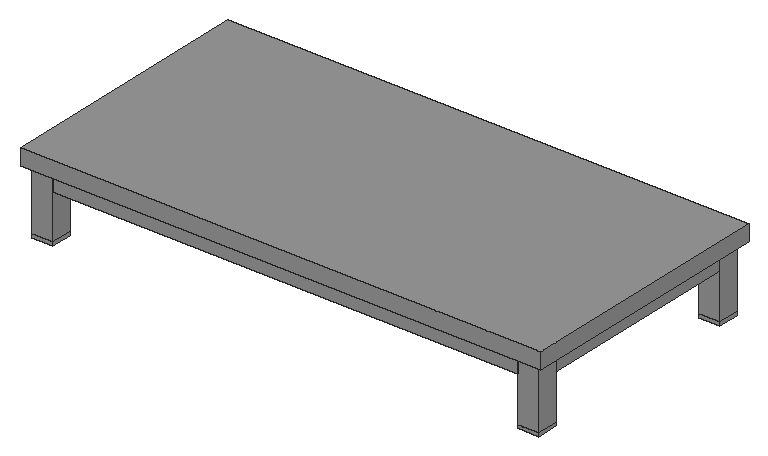
Revit family "800 Plinth", category Furniture, Revit 2019
Family settings
  OmniClass Number = 23.40.20.00
  OmniClass Title = General Furniture and Specialties
  Work Plane-Based = No
  Always vertical = Yes
  Cut with Voids When Loaded = No
  Shared = No
  Room Calculation Point = No
Parameters (values of type "Storage - 800 Plinth")
  Width = 800 mm
  URL = "www.gof.co.uk"
  Range = "STORAGE"
  Product Data Specification = ""
  Product Code = "KQ08PLST"
  Product Brochure = ""
  Model = "KULTURE QUOLL"
  Manufacturer = "Gresham Office Furniture"  # constant formula
  Frame = Gresham - BLACK METAL
  Doors = Gresham - PLUM
  Carcass = Gresham - MIDNIGHT ASH VERTICAL
  Depth = 400 mm
Reference planes
  plane 1 "Center (Front/Back)": y = 0
  plane 2: z = 0
  plane 3 "Center (Left/Right)": x = 0
  plane 4: x = -400
  plane 5: x = 400
  plane 6: y = 200
  plane 7 "Front": y = -200
  plane 8 "Storage Top": z = 569
  plane 9: z = 556.5
  plane 10: z = 112.5
  plane 11: z = 544
  plane 12: z = 1400
  plane 13: z = 984
  plane 14: z = 959
  plane 15: z = 1375
  plane 16: z = 125
  plane 17: z = 100
  plane 18: z = 568.5
  plane 19: z = 543.5
Forms (mm)
  Extrusion 1, solid, material "Gresham - MIDNIGHT ASH VERTICAL" <- "Carcass"
    sketch origin (0, -6.874, 39) x (0, 1, 0) y (0, 0, 1)
      loop
        line (-193.126, 61) -> (206.874, 61) -> (206.874, 86) -> (-193.126, 86) -> (-193.126, 61)
    from -400 to 400
Dimensions and locks
  equal spacing: plane 4, plane 3 "Center (Left/Right)", plane 5
  "Width": plane 4 to plane 5
  equal spacing: plane 6, plane 1 "Center (Front/Back)", plane 7 "Front"
  "Depth": plane 6 to plane 7 "Front"
  plane 8 "Storage Top" to plane 2 = 569 mm
  locked: plane 8 "Storage Top" to plane 9 at 12.5
  Extrusion 1 sketch curve to Extrusion 1 sketch curve = 25 mm
  equal spacing: Extrusion 1, plane 10, Extrusion 1
  locked: Extrusion 1 to Extrusion 1 at 25
  locked: plane 10 to level at 112.5
  locked: plane 8 "Storage Top" to plane 11 at 25
  plane 11 to plane 10 = 431.5 mm  (x2)
  locked: plane 12 to level at 1400
  locked: plane 13 to level at 984
  locked: plane 13 to plane 14 at 25
  locked: plane 12 to plane 15 at 25
  locked: plane 16 to plane 17 at 25
  locked: plane 18 to plane 19 at 25
  plane 18 to level = 568.5 mm
  locked: Extrusion 1 to nested 1 at 10
  nested 1 to Extrusion 1 = 10 mm
  aligned and locked: level to plane 2
  aligned and locked: plane 6 to Extrusion 1
  aligned and locked: Extrusion 1 to plane 7 "Front"
Automatic sketch dimensions
  Extrusion 1 sketch curve to plane 7 "Front" = 0 mm
  Extrusion 1 sketch curve to plane 6 = 0 mm
  Extrusion 1 sketch curve to plane 17 = 0 mm
Nested families
  nested 1: "Modular Storage Frame" at (0, 0, 0), type "Modular Storage Frame"
    with Width 780 mm
Definition of nested family "Modular Storage Frame"
  Parameters (values of type "Modular Storage Frame")
    Width = 1180 mm
    URL = "www.gof.co.uk"
    Frame = none
    Range = "STORAGE"
    Product Data Specification = ""
    Product Code = ""
    Product Brochure = ""
    Model = "MODULAR STORAGE"
    Manufacturer = "Gresham Office Furniture"  # constant formula
    Foot = none
    Depth = 380 mm
  Reference planes
    plane 1 "Center (Front/Back)": y = 0
    plane 2: z = 0
    plane 3 "Center (Left/Right)": x = 0
    plane 4: x = -590
    plane 5: x = 590
    plane 6: y = 190
    plane 7: y = -190
  Forms (mm)
    Extrusion 1, solid, material <- "Frame"
      sketch origin (76, -5.525, 0) x (-1, 0, 0) y (0, -1, 0)
        loop
          line (634, -195.525) -> (634, -170.525) -> (-482, -170.525) -> (-482, -195.525) -> (634, -195.525)
        loop
          line (634, 184.475) -> (-482, 184.475) -> (-482, 159.475) -> (634, 159.475) -> (634, 184.475)
        loop
          line (-514, -163.525) -> (-489, -163.525) -> (-489, 152.475) -> (-514, 152.475) -> (-514, -163.525)
        loop
          line (666, -163.525) -> (666, 152.475) -> (641, 152.475) -> (641, -163.525) -> (666, -163.525)
      from 75 to 100
    Extrusion 2, solid, material <- "Frame"
      sketch origin (0, 0, 0) x (1, 0, 0) y (0, 1, 0)
        loop
          line (590, -190) -> (590, -158) -> (558, -158) -> (558, -190) -> (590, -190)
        loop
          line (590, 190) -> (558, 190) -> (558, 158) -> (590, 158) -> (590, 190)
        loop
          line (-590, -190) -> (-558, -190) -> (-558, -158) -> (-590, -158) -> (-590, -190)
        loop
          line (-590, 190) -> (-590, 158) -> (-558, 158) -> (-558, 190) -> (-590, 190)
      from 5 to 100
    Extrusion 3, solid, material <- "Foot"
      sketch origin (0, 0, 0) x (1, 0, 0) y (0, 1, 0)
        loop
          line (590, 190) -> (558, 190) -> (558, 158) -> (590, 158) -> (590, 190)
        loop
          line (590, -158) -> (558, -158) -> (558, -190) -> (590, -190) -> (590, -158)
        loop
          line (-590, -190) -> (-558, -190) -> (-558, -158) -> (-590, -158) -> (-590, -190)
        loop
          line (-590, 190) -> (-590, 158) -> (-558, 158) -> (-558, 190) -> (-590, 190)
      from 0 to 5
  Dimensions and locks
    equal spacing: plane 4, plane 3 "Center (Left/Right)", plane 5
    "Width": plane 4 to plane 5
    equal spacing: plane 6, plane 1 "Center (Front/Back)", plane 7
    "Depth": plane 6 to plane 7
    Extrusion 2 sketch curve to Extrusion 2 sketch curve = 32 mm  (x7)
    locked: Extrusion 1 to Extrusion 1 at 25
    locked: Extrusion 2 to plane 5 at 32  (x2)
    locked: Extrusion 2 to Extrusion 2 at 32
    locked: plane 6 to Extrusion 2 at 32  (x2)
    locked: plane 4 to Extrusion 2 at 32  (x2)
    locked: Extrusion 2 to plane 7 at 32
    locked: Extrusion 1 to plane 5 at 25
    locked: plane 4 to Extrusion 1 at 25
    Extrusion 1 to plane 2 = 100 mm
    aligned and locked: level to plane 2
    aligned and locked: Extrusion 2 to Extrusion 1
    aligned and locked: plane 6 to Extrusion 1
    aligned and locked: Extrusion 1 sketch curve to Extrusion 2
    aligned and locked: Extrusion 2 to Extrusion 1 sketch curve
  Automatic sketch dimensions
    Extrusion 1 sketch curve to plane 5 = 0 mm
    Extrusion 1 sketch curve to plane 7 = 0 mm
    Extrusion 1 sketch curve to plane 4 = 0 mm
    Extrusion 1 sketch curve to plane 6 = 0 mm
    Extrusion 1 sketch curve to Extrusion 1 sketch curve = 7 mm  (x5)
    plane 4 to Extrusion 1 sketch curve = 32 mm
    Extrusion 1 sketch curve to Extrusion 1 sketch curve = 25 mm  (x2)
    plane 7 to Extrusion 1 sketch curve = 32 mm  (x2)
    Extrusion 3 sketch curve to plane 4 = 0 mm  (x2)
    Extrusion 3 sketch curve to plane 7 = 0 mm  (x2)
    Extrusion 3 sketch curve to plane 6 = 0 mm  (x2)
    Extrusion 3 sketch curve to plane 5 = 0 mm  (x2)
    Extrusion 3 sketch curve to Extrusion 3 sketch curve = 32 mm  (x5)
    plane 7 to Extrusion 3 sketch curve = 32 mm
    Extrusion 3 sketch curve to plane 6 = 32 mm  (x2)
    Extrusion 2 sketch curve to plane 4 = 0 mm  (x2)
    Extrusion 2 sketch curve to plane 6 = 0 mm  (x2)
    Extrusion 2 sketch curve to plane 7 = 0 mm  (x2)
    Extrusion 2 sketch curve to plane 5 = 0 mm  (x2)
    Extrusion 2 sketch curve to Extrusion 2 sketch curve = 32 mm
